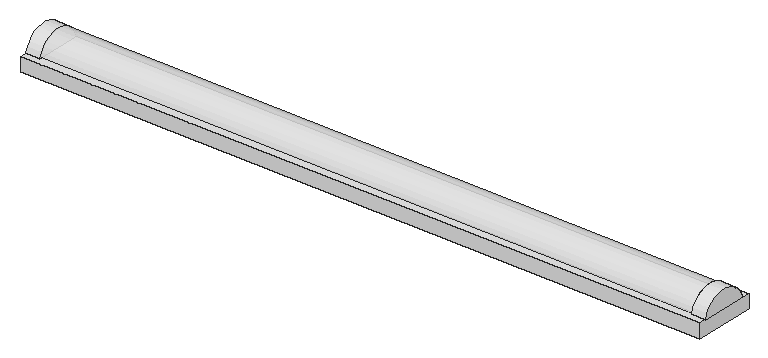
Revit family "LSRK", category Lighting Fixtures, host Face, Revit 2013
Parameters (values of type "LSRK-5W-35LW-FA-EDU")
  zz Width 1 [instance] = if(Channel 4W, 4 1/4", 5")  # 4 1/4"
  Watts = 5 W
  Wattage Comments = "Replaces outdated, non-efficient strip lighting with low wattage, high lumen solutions"  # constant formula
  Wattage = 32.8 W
  Warranty = "Five year warranty"  # constant formula
  built-in parameter 1150110 = 1 (stored number, unit not read)
  Voltage = 120 V
  URL = "http://www.columbialighting.com/"
  built-in parameter 1114217 = 1 (stored number, unit not read)
  Tilt Angle = 90.00°
  built-in parameter 1150109 = 1 (stored number, unit not read)
  built-in parameter 1150134 = (empty or 0)
  built-in parameter 1150113 = 1 (stored number, unit not read)
  Shielding = "Frosted Acrylic Lens with Endcaps"
  Product Page URL = "http://www.columbialighting.com/products/lsrk"
  Product Documentation Link = "http://cdn.columbialighting.com/content/products/specs/specs_files/lsrk.pdf"
  Power Factor = 1
  Photometric Web File = "generic.ies"
  Photometric Notes = "More IES files download Photometric Web Link"  # constant formula
  Model = "LSRK"  # constant formula
  Manufacturer Phone = "864-678-1000"  # constant formula
  Manufacturer Fax = "866-898-1065"  # constant formula
  Manufacturer = "Columbia Lighting"  # constant formula
  built-in parameter 1150105 = 328.88 (stored number, unit not read)
  Lumens = 4132.8 lm
  built-in parameter 1150115 = 1 (stored number, unit not read)
  Lumen Output = "Low Watt"
  Load Classification = Lighting
  built-in parameter 1150137 = (empty or 0)
  built-in parameter 1150139 = (empty or 0)
  Lenght 8' [instance] = not(Lenght 4')  # no
  Lenght 4' [instance] = yes
  built-in parameter 1150112 = 1 (stored number, unit not read)
  built-in parameter 1150114 = 1 (stored number, unit not read)
  Lamp = "LED"
  Photometric Web Link = "http://www.columbialighting.com/products/lsrk"
  Glass = Hubbell-White Glass
  built-in parameter 1150132 = (empty or 0)
  built-in parameter 1150102 = (empty or 0)
  built-in parameter 1150107 = 3500 (stored number, unit not read)
  built-in parameter 1150138 = (empty or 0)
  built-in parameter 1150106 = 3.2888 (stored number, unit not read)
  Emit from Rectangle Width = 2 1/2"  # constant formula
  Emit from Rectangle Length = 47"  # constant formula
  Emit Shape Visible in Rendering = no
  Channel 5W [instance] = not(Channel 4W)  # no
  Channel 4W [instance] = yes
  Mounting = "Wall Mount"
  built-in parameter 1150104 = 11.706 (stored number, unit not read)
  Dimming Lamp Color Temperature Shift = Incandescent Lamp Curve
  Description = "Linear Strip Retrofit Kit / LED"  # constant formula
  Default Elevation = 48"
  Finish = Hubbell-White
  Color Filter = 16777215
  zz Length 1 [instance] = if(Lenght 4', 48", 96")  # 48"
  built-in parameter 1114218 = 1 (stored number, unit not read)
  built-in parameter 1150133 = 10 (stored number, unit not read)
  Apparent Load = Watts / Power Factor  # 5 VA
Reference planes (in)
  plane 1 "Center (Front/Back)": y = 6.16697
  plane 2: z = 0
  plane 3 "Center (Left/Right)": x = 0
  plane 4: z = 1
  plane 5: x = -24
  plane 6: x = 24
  plane 7: x = -23
  plane 8: x = 23
  plane 9: y = 4.04197
  plane 10: y = 8.29197
  plane 11: y = 7.79197
  plane 12: y = 4.54197
  plane 13: y = 7.79197
  plane 14: y = 4.54197
  plane 15: z = 2.23336
  plane 16: z = 0.60836
Forms (in)
  Extrusion 1, solid, material "Hubbell-White" <- "Finish"
    sketch origin (0, 0, 0) x (1, 0, 0) y (0, 1, 0)
      loop
        line (-24, 8.29197) -> (-24, 4.04197) -> (24, 4.04197) -> (24, 8.29197) -> (-24, 8.29197)
    from 0 to 1
  Extrusion 2, solid, material "Hubbell-White" <- "Finish"
    sketch origin (0, 0, 0) x (0, 1, 0) y (0, 0, 1)
      loop
        arc (7.79297, 1.00028) -> (6.16697, 2.23321) -> (4.54097, 1.00028) r 1.68866
        line (4.54097, 1.00028) -> (7.79297, 1.00028)
    from -24 to -23
  Extrusion 3, solid, material "Hubbell-White" <- "Finish"
    sketch origin (0, 0, 0) x (0, 1, 0) y (0, 0, -1)
      loop
        line (7.79297, -1.00028) -> (4.54097, -1.00028)
        arc (4.54097, -1.00028) -> (6.16697, -2.23321) -> (7.79297, -1.00028) r 1.68866
    from -24 to -23
  Extrusion 4, solid, material "Hubbell-White Glass" <- "Glass"
    sketch origin (0, 0, 0) x (0, 1, 0) y (0, 0, 1)
      loop
        arc (7.76057, 1) -> (6.16697, 2.20196) -> (4.57337, 1) r 1.65741
        line (4.57337, 1) -> (4.63848, 1)
        arc (4.63848, 1) -> (6.16697, 2.13946) -> (7.69546, 1) r 1.59491
        line (7.69546, 1) -> (7.76057, 1)
    from -23 to 23
Lines and regions (in)
  reference lines
    curve 1: line (0, 14.66697, -3.25) -> (0, 17.66697, -0.25)
    curve 2: line (0, -2.33303, -3.25) -> (0, 14.66697, -3.25)
    curve 3: line (0, -5.33303, -0.25) -> (0, -2.33303, -3.25)
    curve 4: line (0, 14.66697, -3.25) -> (0, 17.66697, -0.25)
    curve 5: line (0, -5.33303, -0.25) -> (0, 17.66697, -0.25)
    curve 6: line (0, 17.41697, -0.77432) -> (0, 18.16697, -0.77432)
    curve 7: line (0, 17.41697, -1.52432) -> (0, 17.41697, -0.77432)
    curve 8: line (0, 16.93705, -1.52432) -> (0, 17.41697, -1.52432)
    curve 9: line (0, 15.16697, -4.25) -> (0, 16.93705, -1.52432)
    curve 10: line (0, -4.60311, -1.52432) -> (0, -2.83303, -4.25)
    curve 11: line (0, -5.08303, -1.52432) -> (0, -4.60311, -1.52432)
    curve 12: line (0, -5.08303, -0.77432) -> (0, -5.08303, -1.52432)
    curve 13: line (0, -5.83303, -0.77432) -> (0, -5.08303, -0.77432)
Dimensions and locks (in)
  equal spacing: plane 5, plane 3 "Center (Left/Right)", plane 6
  "zz Length 1": plane 5 to plane 6
  locked: plane 5 to plane 7 at 1
  locked: plane 8 to plane 6 at 1
  equal spacing: plane 9, plane 1 "Center (Front/Back)", plane 10
  "zz Width 1": plane 9 to plane 10
  equal spacing: plane 11, plane 1 "Center (Front/Back)", plane 12
  plane 13 to plane 14 = 3 1/4"
  locked: plane 15 to plane 16 at 1.625
  locked: plane 4 to plane 2 at 1
  radius of Extrusion 4 sketch curve = 1.59491"
  radius of Extrusion 4 sketch curve = 1.65741"
  aligned and locked: plane 2 to host face
  aligned and locked: level to host face
  aligned and locked: plane 1 "Center (Front/Back)" to imposter light
  aligned and locked: plane 10 to Extrusion 1 sketch curve
  aligned and locked: plane 5 to Extrusion 1 sketch curve
  aligned and locked: Extrusion 1 sketch curve to plane 9
  aligned and locked: plane 6 to Extrusion 1 sketch curve
  aligned and locked: plane 4 to Extrusion 1
  aligned and locked: Extrusion 2 to plane 5
  aligned and locked: plane 7 to Extrusion 2
  aligned and locked: plane 8 to Extrusion 3
  aligned and locked: Extrusion 3 to plane 6
  aligned and locked: Extrusion 4 to plane 7
  aligned and locked: Extrusion 4 to plane 8
  aligned and locked: plane 3 "Center (Left/Right)" to imposter light
  aligned and locked: imposter light to plane 4
Automatic sketch dimensions
  host sketch curve to host sketch curve = 96"
  host sketch curve to host sketch curve = 85"
  curve 3 to level = 1/4"
  plane 9 to curve 3 = 9 3/8"
  curve 4 to level = 3 1/4"
  curve 3 to curve 12 = 1/4"
  curve 10 to level = 1.52432"
  curve 11 to curve 10 = 0.47992"
  curve 10 to curve 2 = 2.27008"
  curve 4 to plane 10 = 6 3/8"
  curve 1 to curve 8 = 2.27008"
  curve 8 to curve 6 = 0.47992"
  curve 6 to curve 4 = 1/4"
  curve 13 to curve 3 = 1/2"
  curve 10 to curve 2 = 1/2"
  curve 1 to curve 9 = 1/2"
  curve 1 to curve 6 = 1/2"
  curve 8 to curve 1 = 1.27432"
  curve 12 to curve 3 = 0.52432"
  curve 7 to curve 1 = 0.52432"
  curve 9 to curve 1 = 1"
  curve 10 to curve 2 = 1"
  plane 4 to Extrusion 2 sketch curve = 0.00028"
  plane 12 to Extrusion 2 sketch curve = 0.001"
  Extrusion 2 sketch curve to plane 1 "Center (Front/Back)" = 0"
  Extrusion 2 sketch curve to plane 4 = 0.45545"
  plane 4 to Extrusion 3 sketch curve = 0.00028"
  plane 14 to Extrusion 3 sketch curve = 0.001"
  Extrusion 3 sketch curve to plane 1 "Center (Front/Back)" = 0"
  Extrusion 3 sketch curve to plane 4 = 0.45545"
  Extrusion 4 sketch curve to Extrusion 4 sketch curve = 0"  (x2)
  Extrusion 4 sketch curve to plane 4 = 0"  (x2)
  Extrusion 4 sketch curve to plane 1 "Center (Front/Back)" = 0"
  Extrusion 4 sketch curve to Extrusion 4 sketch curve = 0.06511"
